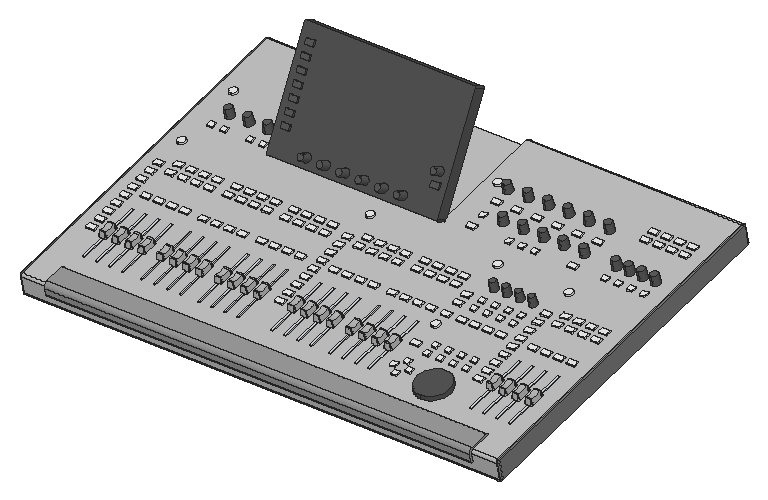
Revit family "Wing", category Communication Devices, Revit 2020 (continued)
Forms (mm)
  Extrusion 99, solid, material "LED, White, Off"
    sketch origin (394.189, 56.573, 146.054) x (0, -0.970299, -0.24191) y (1, 0, 0)
      loop
        line (135.461, -395.179) -> (127.386, -395.179)
        arc (127.386, -395.179) -> (126.82, -395.414) -> (126.586, -395.979) r 0.8
        line (126.586, -395.979) -> (126.586, -409.214)
        arc (126.586, -409.214) -> (126.82, -409.78) -> (127.386, -410.014) r 0.8
        line (127.386, -410.014) -> (135.461, -410.014)
        arc (135.461, -410.014) -> (136.027, -409.78) -> (136.261, -409.214) r 0.8
    from 0 to 2
  Extrusion 100, solid, material "LED, White, Off"
    sketch origin (417.708, 111.875, 159.842) x (0, -0.970299, -0.24191) y (1, 0, 0)
      loop
        line (136.261, -409.214) -> (136.261, -395.979)
        arc (136.261, -395.979) -> (136.027, -395.414) -> (135.461, -395.179) r 0.8
        line (135.461, -395.179) -> (127.386, -395.179)
        arc (127.386, -395.179) -> (126.82, -395.414) -> (126.586, -395.979) r 0.8
        line (126.586, -395.979) -> (126.586, -409.214)
        arc (126.586, -409.214) -> (126.82, -409.78) -> (127.386, -410.014) r 0.8
        line (127.386, -410.014) -> (135.461, -410.014)
        arc (135.461, -410.014) -> (136.027, -409.78) -> (136.261, -409.214) r 0.8
    from 0 to 2
  Extrusion 101, solid, material "LED, White, Off"
    sketch origin (417.708, 130.865, 164.576) x (0, -0.970299, -0.24191) y (1, 0, 0)
      loop
        line (136.261, -409.214) -> (136.261, -395.979)
        arc (136.261, -395.979) -> (136.027, -395.414) -> (135.461, -395.179) r 0.8
        line (135.461, -395.179) -> (127.386, -395.179)
        arc (127.386, -395.179) -> (126.82, -395.414) -> (126.586, -395.979) r 0.8
        line (126.586, -395.979) -> (126.586, -409.214)
        arc (126.586, -409.214) -> (126.82, -409.78) -> (127.386, -410.014) r 0.8
        line (127.386, -410.014) -> (135.461, -410.014)
        arc (135.461, -410.014) -> (136.027, -409.78) -> (136.261, -409.214) r 0.8
    from 0 to 2
  Extrusion 102, solid, material "LED, White, Off"
    sketch origin (417.708, 56.573, 146.054) x (0, -0.970299, -0.24191) y (1, 0, 0)
      loop
        line (136.261, -409.214) -> (136.261, -395.979)
        arc (136.261, -395.979) -> (136.027, -395.414) -> (135.461, -395.179) r 0.8
        line (135.461, -395.179) -> (127.386, -395.179)
        arc (127.386, -395.179) -> (126.82, -395.414) -> (126.586, -395.979) r 0.8
        line (126.586, -395.979) -> (126.586, -409.214)
        arc (126.586, -409.214) -> (126.82, -409.78) -> (127.386, -410.014) r 0.8
        line (127.386, -410.014) -> (135.461, -410.014)
        arc (135.461, -410.014) -> (136.027, -409.78) -> (136.261, -409.214) r 0.8
    from 0 to 2
  Extrusion 103, solid, material "LED, White, Off"
    sketch origin (441.227, 111.875, 159.842) x (0, -0.970299, -0.24191) y (1, 0, 0)
      loop
        line (136.261, -409.214) -> (136.261, -395.979)
        arc (136.261, -395.979) -> (136.027, -395.414) -> (135.461, -395.179) r 0.8
        line (135.461, -395.179) -> (127.386, -395.179)
        arc (127.386, -395.179) -> (126.82, -395.414) -> (126.586, -395.979) r 0.8
        line (126.586, -395.979) -> (126.586, -409.214)
        arc (126.586, -409.214) -> (126.82, -409.78) -> (127.386, -410.014) r 0.8
        line (127.386, -410.014) -> (135.461, -410.014)
        arc (135.461, -410.014) -> (136.027, -409.78) -> (136.261, -409.214) r 0.8
    from 0 to 2
  Extrusion 104, solid, material "LED, White, Off"
    sketch origin (441.227, 130.865, 164.576) x (0, -0.970299, -0.24191) y (1, 0, 0)
      loop
        line (136.261, -409.214) -> (136.261, -395.979)
        arc (136.261, -395.979) -> (136.027, -395.414) -> (135.461, -395.179) r 0.8
        line (135.461, -395.179) -> (127.386, -395.179)
        arc (127.386, -395.179) -> (126.82, -395.414) -> (126.586, -395.979) r 0.8
        line (126.586, -395.979) -> (126.586, -409.214)
        arc (126.586, -409.214) -> (126.82, -409.78) -> (127.386, -410.014) r 0.8
        line (127.386, -410.014) -> (135.461, -410.014)
        arc (135.461, -410.014) -> (136.027, -409.78) -> (136.261, -409.214) r 0.8
    from 0 to 2
  Extrusion 105, solid, material "LED, White, Off"
    sketch origin (441.227, 56.573, 146.054) x (0, -0.970299, -0.24191) y (1, 0, 0)
      loop
        line (136.261, -409.214) -> (136.261, -395.979)
        arc (136.261, -395.979) -> (136.027, -395.414) -> (135.461, -395.179) r 0.8
        line (135.461, -395.179) -> (127.386, -395.179)
        arc (127.386, -395.179) -> (126.82, -395.414) -> (126.586, -395.979) r 0.8
        line (126.586, -395.979) -> (126.586, -409.214)
        arc (126.586, -409.214) -> (126.82, -409.78) -> (127.386, -410.014) r 0.8
        line (127.386, -410.014) -> (135.461, -410.014)
        arc (135.461, -410.014) -> (136.027, -409.78) -> (136.261, -409.214) r 0.8
    from 0 to 2
  Extrusion 106, solid, material "LED, White, Off"
    sketch origin (475.749, 111.875, 159.842) x (0, -0.970299, -0.24191) y (1, 0, 0)
      loop
        line (136.261, -409.214) -> (136.261, -395.979)
        arc (136.261, -395.979) -> (136.027, -395.414) -> (135.461, -395.179) r 0.8
        line (135.461, -395.179) -> (127.386, -395.179)
        arc (127.386, -395.179) -> (126.82, -395.414) -> (126.586, -395.979) r 0.8
        line (126.586, -395.979) -> (126.586, -409.214)
        arc (126.586, -409.214) -> (126.82, -409.78) -> (127.386, -410.014) r 0.8
        line (127.386, -410.014) -> (135.461, -410.014)
        arc (135.461, -410.014) -> (136.027, -409.78) -> (136.261, -409.214) r 0.8
    from 0 to 2
  Extrusion 107, solid, material "LED, White, Off"
    sketch origin (475.749, 130.865, 164.576) x (0, -0.970299, -0.24191) y (1, 0, 0)
      loop
        line (136.261, -409.214) -> (136.261, -395.979)
        arc (136.261, -395.979) -> (136.027, -395.414) -> (135.461, -395.179) r 0.8
        line (135.461, -395.179) -> (127.386, -395.179)
        arc (127.386, -395.179) -> (126.82, -395.414) -> (126.586, -395.979) r 0.8
        line (126.586, -395.979) -> (126.586, -409.214)
        arc (126.586, -409.214) -> (126.82, -409.78) -> (127.386, -410.014) r 0.8
        line (127.386, -410.014) -> (135.461, -410.014)
        arc (135.461, -410.014) -> (136.027, -409.78) -> (136.261, -409.214) r 0.8
    from 0 to 2
  Extrusion 108, solid, material "LED, White, Off"
    sketch origin (475.749, 56.573, 146.054) x (0, -0.970299, -0.24191) y (1, 0, 0)
      loop
        line (136.261, -409.214) -> (136.261, -395.979)
        arc (136.261, -395.979) -> (136.027, -395.414) -> (135.461, -395.179) r 0.8
        line (135.461, -395.179) -> (127.386, -395.179)
        arc (127.386, -395.179) -> (126.82, -395.414) -> (126.586, -395.979) r 0.8
        line (126.586, -395.979) -> (126.586, -409.214)
        arc (126.586, -409.214) -> (126.82, -409.78) -> (127.386, -410.014) r 0.8
        line (127.386, -410.014) -> (135.461, -410.014)
        arc (135.461, -410.014) -> (136.027, -409.78) -> (136.261, -409.214) r 0.8
    from 0 to 2
  Extrusion 109, solid, material "LED, White, Off"
    sketch origin (499.267, 111.875, 159.842) x (0, -0.970299, -0.24191) y (1, 0, 0)
      loop
        line (136.261, -409.214) -> (136.261, -395.979)
        arc (136.261, -395.979) -> (136.027, -395.414) -> (135.461, -395.179) r 0.8
        line (135.461, -395.179) -> (127.386, -395.179)
        arc (127.386, -395.179) -> (126.82, -395.414) -> (126.586, -395.979) r 0.8
        line (126.586, -395.979) -> (126.586, -409.214)
        arc (126.586, -409.214) -> (126.82, -409.78) -> (127.386, -410.014) r 0.8
        line (127.386, -410.014) -> (135.461, -410.014)
        arc (135.461, -410.014) -> (136.027, -409.78) -> (136.261, -409.214) r 0.8
    from 0 to 2
  Extrusion 110, solid, material "LED, White, Off"
    sketch origin (499.267, 130.865, 164.576) x (0, -0.970299, -0.24191) y (1, 0, 0)
      loop
        line (136.261, -409.214) -> (136.261, -395.979)
        arc (136.261, -395.979) -> (136.027, -395.414) -> (135.461, -395.179) r 0.8
        line (135.461, -395.179) -> (127.386, -395.179)
        arc (127.386, -395.179) -> (126.82, -395.414) -> (126.586, -395.979) r 0.8
        line (126.586, -395.979) -> (126.586, -409.214)
        arc (126.586, -409.214) -> (126.82, -409.78) -> (127.386, -410.014) r 0.8
        line (127.386, -410.014) -> (135.461, -410.014)
        arc (135.461, -410.014) -> (136.027, -409.78) -> (136.261, -409.214) r 0.8
    from 0 to 2
  Extrusion 111, solid, material "LED, White, Off"
    sketch origin (499.267, 56.573, 146.054) x (0, -0.970299, -0.24191) y (1, 0, 0)
      loop
        line (136.261, -409.214) -> (136.261, -395.979)
        arc (136.261, -395.979) -> (136.027, -395.414) -> (135.461, -395.179) r 0.8
        line (135.461, -395.179) -> (127.386, -395.179)
        arc (127.386, -395.179) -> (126.82, -395.414) -> (126.586, -395.979) r 0.8
        line (126.586, -395.979) -> (126.586, -409.214)
        arc (126.586, -409.214) -> (126.82, -409.78) -> (127.386, -410.014) r 0.8
        line (127.386, -410.014) -> (135.461, -410.014)
        arc (135.461, -410.014) -> (136.027, -409.78) -> (136.261, -409.214) r 0.8
    from 0 to 2
  Extrusion 112, solid, material "LED, White, Off"
    sketch origin (522.786, 111.875, 159.842) x (0, -0.970299, -0.24191) y (1, 0, 0)
      loop
        line (136.261, -409.214) -> (136.261, -395.979)
        arc (136.261, -395.979) -> (136.027, -395.414) -> (135.461, -395.179) r 0.8
        line (135.461, -395.179) -> (127.386, -395.179)
        arc (127.386, -395.179) -> (126.82, -395.414) -> (126.586, -395.979) r 0.8
        line (126.586, -395.979) -> (126.586, -409.214)
        arc (126.586, -409.214) -> (126.82, -409.78) -> (127.386, -410.014) r 0.8
        line (127.386, -410.014) -> (135.461, -410.014)
        arc (135.461, -410.014) -> (136.027, -409.78) -> (136.261, -409.214) r 0.8
    from 0 to 2
  Extrusion 113, solid, material "LED, White, Off"
    sketch origin (522.786, 130.865, 164.576) x (0, -0.970299, -0.24191) y (1, 0, 0)
      loop
        line (136.261, -409.214) -> (136.261, -395.979)
        arc (136.261, -395.979) -> (136.027, -395.414) -> (135.461, -395.179) r 0.8
        line (135.461, -395.179) -> (127.386, -395.179)
        arc (127.386, -395.179) -> (126.82, -395.414) -> (126.586, -395.979) r 0.8
        line (126.586, -395.979) -> (126.586, -409.214)
        arc (126.586, -409.214) -> (126.82, -409.78) -> (127.386, -410.014) r 0.8
        line (127.386, -410.014) -> (135.461, -410.014)
        arc (135.461, -410.014) -> (136.027, -409.78) -> (136.261, -409.214) r 0.8
    from 0 to 2
  Extrusion 114, solid, material "LED, White, Off"
    sketch origin (522.786, 56.573, 146.054) x (0, -0.970299, -0.24191) y (1, 0, 0)
      loop
        line (136.261, -409.214) -> (136.261, -395.979)
        arc (136.261, -395.979) -> (136.027, -395.414) -> (135.461, -395.179) r 0.8
        line (135.461, -395.179) -> (127.386, -395.179)
        arc (127.386, -395.179) -> (126.82, -395.414) -> (126.586, -395.979) r 0.8
        line (126.586, -395.979) -> (126.586, -409.214)
        arc (126.586, -409.214) -> (126.82, -409.78) -> (127.386, -410.014) r 0.8
        line (127.386, -410.014) -> (135.461, -410.014)
        arc (135.461, -410.014) -> (136.027, -409.78) -> (136.261, -409.214) r 0.8
    from 0 to 2
  Extrusion 115, solid, material "LED, White, Off"
    sketch origin (546.305, 111.875, 159.842) x (0, -0.970299, -0.24191) y (1, 0, 0)
      loop
        line (136.261, -409.214) -> (136.261, -395.979)
        arc (136.261, -395.979) -> (136.027, -395.414) -> (135.461, -395.179) r 0.8
        line (135.461, -395.179) -> (127.386, -395.179)
        arc (127.386, -395.179) -> (126.82, -395.414) -> (126.586, -395.979) r 0.8
        line (126.586, -395.979) -> (126.586, -409.214)
        arc (126.586, -409.214) -> (126.82, -409.78) -> (127.386, -410.014) r 0.8
        line (127.386, -410.014) -> (135.461, -410.014)
        arc (135.461, -410.014) -> (136.027, -409.78) -> (136.261, -409.214) r 0.8
    from 0 to 2
  Extrusion 116, solid, material "LED, White, Off"
    sketch origin (546.305, 130.865, 164.576) x (0, -0.970299, -0.24191) y (1, 0, 0)
      loop
        line (136.261, -409.214) -> (136.261, -395.979)
        arc (136.261, -395.979) -> (136.027, -395.414) -> (135.461, -395.179) r 0.8
        line (135.461, -395.179) -> (127.386, -395.179)
        arc (127.386, -395.179) -> (126.82, -395.414) -> (126.586, -395.979) r 0.8
        line (126.586, -395.979) -> (126.586, -409.214)
        arc (126.586, -409.214) -> (126.82, -409.78) -> (127.386, -410.014) r 0.8
        line (127.386, -410.014) -> (135.461, -410.014)
        arc (135.461, -410.014) -> (136.027, -409.78) -> (136.261, -409.214) r 0.8
    from 0 to 2
  Extrusion 117, solid, material "LED, White, Off"
    sketch origin (546.305, 56.573, 146.054) x (0, -0.970299, -0.24191) y (1, 0, 0)
      loop
        line (136.261, -409.214) -> (136.261, -395.979)
        arc (136.261, -395.979) -> (136.027, -395.414) -> (135.461, -395.179) r 0.8
        line (135.461, -395.179) -> (127.386, -395.179)
        arc (127.386, -395.179) -> (126.82, -395.414) -> (126.586, -395.979) r 0.8
        line (126.586, -395.979) -> (126.586, -409.214)
        arc (126.586, -409.214) -> (126.82, -409.78) -> (127.386, -410.014) r 0.8
        line (127.386, -410.014) -> (135.461, -410.014)
        arc (135.461, -410.014) -> (136.027, -409.78) -> (136.261, -409.214) r 0.8
    from 0 to 2
  Extrusion 118, solid, material "LED, White, Off"
    sketch origin (731.631, 311.221, 209.542) x (0, -0.970299, -0.24191) y (1, 0, 0)
      loop
        line (136.261, -409.214) -> (136.261, -395.979)
        arc (136.261, -395.979) -> (136.027, -395.414) -> (135.461, -395.179) r 0.8
        line (135.461, -395.179) -> (127.386, -395.179)
        arc (127.386, -395.179) -> (126.82, -395.414) -> (126.586, -395.979) r 0.8
        line (126.586, -395.979) -> (126.586, -409.214)
        arc (126.586, -409.214) -> (126.82, -409.78) -> (127.386, -410.014) r 0.8
        line (127.386, -410.014) -> (135.461, -410.014)
        arc (135.461, -410.014) -> (136.027, -409.78) -> (136.261, -409.214) r 0.8
    from 0 to 2
  Extrusion 119, solid, material "LED, White, Off"
    sketch origin (731.631, 330.21, 214.276) x (0, -0.970299, -0.24191) y (1, 0, 0)
      loop
        line (136.261, -409.214) -> (136.261, -395.979)
        arc (136.261, -395.979) -> (136.027, -395.414) -> (135.461, -395.179) r 0.8
        line (135.461, -395.179) -> (127.386, -395.179)
        arc (127.386, -395.179) -> (126.82, -395.414) -> (126.586, -395.979) r 0.8
        line (126.586, -395.979) -> (126.586, -409.214)
        arc (126.586, -409.214) -> (126.82, -409.78) -> (127.386, -410.014) r 0.8
        line (127.386, -410.014) -> (135.461, -410.014)
        arc (135.461, -410.014) -> (136.027, -409.78) -> (136.261, -409.214) r 0.8
    from 0 to 2
  Extrusion 120, solid, material "LED, White, Off"
    sketch origin (731.631, 56.573, 146.054) x (0, -0.970299, -0.24191) y (1, 0, 0)
      loop
        line (136.261, -409.214) -> (136.261, -395.979)
        arc (136.261, -395.979) -> (136.027, -395.414) -> (135.461, -395.179) r 0.8
        line (135.461, -395.179) -> (127.386, -395.179)
        arc (127.386, -395.179) -> (126.82, -395.414) -> (126.586, -395.979) r 0.8
        line (126.586, -395.979) -> (126.586, -409.214)
        arc (126.586, -409.214) -> (126.82, -409.78) -> (127.386, -410.014) r 0.8
        line (127.386, -410.014) -> (135.461, -410.014)
        arc (135.461, -410.014) -> (136.027, -409.78) -> (136.261, -409.214) r 0.8
    from 0 to 2
  Extrusion 121, solid, material "LED, White, Off"
    sketch origin (755.149, 311.221, 209.542) x (0, -0.970299, -0.24191) y (1, 0, 0)
      loop
        line (136.261, -409.214) -> (136.261, -395.979)
        arc (136.261, -395.979) -> (136.027, -395.414) -> (135.461, -395.179) r 0.8
        line (135.461, -395.179) -> (127.386, -395.179)
        arc (127.386, -395.179) -> (126.82, -395.414) -> (126.586, -395.979) r 0.8
        line (126.586, -395.979) -> (126.586, -409.214)
        arc (126.586, -409.214) -> (126.82, -409.78) -> (127.386, -410.014) r 0.8
        line (127.386, -410.014) -> (135.461, -410.014)
        arc (135.461, -410.014) -> (136.027, -409.78) -> (136.261, -409.214) r 0.8
    from 0 to 2
  Extrusion 122, solid, material "LED, White, Off"
    sketch origin (755.149, 330.21, 214.276) x (0, -0.970299, -0.24191) y (1, 0, 0)
      loop
        line (136.261, -409.214) -> (136.261, -395.979)
        arc (136.261, -395.979) -> (136.027, -395.414) -> (135.461, -395.179) r 0.8
        line (135.461, -395.179) -> (127.386, -395.179)
        arc (127.386, -395.179) -> (126.82, -395.414) -> (126.586, -395.979) r 0.8
        line (126.586, -395.979) -> (126.586, -409.214)
        arc (126.586, -409.214) -> (126.82, -409.78) -> (127.386, -410.014) r 0.8
        line (127.386, -410.014) -> (135.461, -410.014)
        arc (135.461, -410.014) -> (136.027, -409.78) -> (136.261, -409.214) r 0.8
    from 0 to 2
  Extrusion 123, solid, material "LED, White, Off"
    sketch origin (755.149, 56.573, 146.054) x (0, -0.970299, -0.24191) y (1, 0, 0)
      loop
        line (136.261, -409.214) -> (136.261, -395.979)
        arc (136.261, -395.979) -> (136.027, -395.414) -> (135.461, -395.179) r 0.8
        line (135.461, -395.179) -> (127.386, -395.179)
        arc (127.386, -395.179) -> (126.82, -395.414) -> (126.586, -395.979) r 0.8
        line (126.586, -395.979) -> (126.586, -409.214)
        arc (126.586, -409.214) -> (126.82, -409.78) -> (127.386, -410.014) r 0.8
        line (127.386, -410.014) -> (135.461, -410.014)
        arc (135.461, -410.014) -> (136.027, -409.78) -> (136.261, -409.214) r 0.8
    from 0 to 2
  Extrusion 124, solid, material "LED, White, Off"
    sketch origin (778.668, 311.221, 209.542) x (0, -0.970299, -0.24191) y (1, 0, 0)
      loop
        line (136.261, -409.214) -> (136.261, -395.979)
        arc (136.261, -395.979) -> (136.027, -395.414) -> (135.461, -395.179) r 0.8
        line (135.461, -395.179) -> (127.386, -395.179)
        arc (127.386, -395.179) -> (126.82, -395.414) -> (126.586, -395.979) r 0.8
        line (126.586, -395.979) -> (126.586, -409.214)
        arc (126.586, -409.214) -> (126.82, -409.78) -> (127.386, -410.014) r 0.8
        line (127.386, -410.014) -> (135.461, -410.014)
        arc (135.461, -410.014) -> (136.027, -409.78) -> (136.261, -409.214) r 0.8
    from 0 to 2
  Extrusion 125, solid, material "LED, White, Off"
    sketch origin (778.668, 330.21, 214.276) x (0, -0.970299, -0.24191) y (1, 0, 0)
      loop
        line (136.261, -409.214) -> (136.261, -395.979)
        arc (136.261, -395.979) -> (136.027, -395.414) -> (135.461, -395.179) r 0.8
        line (135.461, -395.179) -> (127.386, -395.179)
        arc (127.386, -395.179) -> (126.82, -395.414) -> (126.586, -395.979) r 0.8
        line (126.586, -395.979) -> (126.586, -409.214)
        arc (126.586, -409.214) -> (126.82, -409.78) -> (127.386, -410.014) r 0.8
        line (127.386, -410.014) -> (135.461, -410.014)
        arc (135.461, -410.014) -> (136.027, -409.78) -> (136.261, -409.214) r 0.8
    from 0 to 2
  Extrusion 126, solid, material "LED, White, Off"
    sketch origin (778.668, 56.573, 146.054) x (0, -0.970299, -0.24191) y (1, 0, 0)
      loop
        line (136.261, -409.214) -> (136.261, -395.979)
        arc (136.261, -395.979) -> (136.027, -395.414) -> (135.461, -395.179) r 0.8
        line (135.461, -395.179) -> (127.386, -395.179)
        arc (127.386, -395.179) -> (126.82, -395.414) -> (126.586, -395.979) r 0.8
        line (126.586, -395.979) -> (126.586, -409.214)
        arc (126.586, -409.214) -> (126.82, -409.78) -> (127.386, -410.014) r 0.8
        line (127.386, -410.014) -> (135.461, -410.014)
        arc (135.461, -410.014) -> (136.027, -409.78) -> (136.261, -409.214) r 0.8
    from 0 to 2
  Extrusion 127, solid, material "LED, White, Off"
    sketch origin (802.187, 311.221, 209.542) x (0, -0.970299, -0.24191) y (1, 0, 0)
      loop
        line (136.261, -409.214) -> (136.261, -395.979)
        arc (136.261, -395.979) -> (136.027, -395.414) -> (135.461, -395.179) r 0.8
        line (135.461, -395.179) -> (127.386, -395.179)
        arc (127.386, -395.179) -> (126.82, -395.414) -> (126.586, -395.979) r 0.8
        line (126.586, -395.979) -> (126.586, -409.214)
        arc (126.586, -409.214) -> (126.82, -409.78) -> (127.386, -410.014) r 0.8
        line (127.386, -410.014) -> (135.461, -410.014)
        arc (135.461, -410.014) -> (136.027, -409.78) -> (136.261, -409.214) r 0.8
    from 0 to 2
  Extrusion 128, solid, material "LED, White, Off"
    sketch origin (802.187, 330.21, 214.276) x (0, -0.970299, -0.24191) y (1, 0, 0)
      loop
        line (136.261, -409.214) -> (136.261, -395.979)
        arc (136.261, -395.979) -> (136.027, -395.414) -> (135.461, -395.179) r 0.8
        line (135.461, -395.179) -> (127.386, -395.179)
        arc (127.386, -395.179) -> (126.82, -395.414) -> (126.586, -395.979) r 0.8
        line (126.586, -395.979) -> (126.586, -409.214)
        arc (126.586, -409.214) -> (126.82, -409.78) -> (127.386, -410.014) r 0.8
        line (127.386, -410.014) -> (135.461, -410.014)
        arc (135.461, -410.014) -> (136.027, -409.78) -> (136.261, -409.214) r 0.8
    from 0 to 2
  Extrusion 129, solid, material "LED, White, Off"
    sketch origin (802.187, 56.573, 146.054) x (0, -0.970299, -0.24191) y (1, 0, 0)
      loop
        line (136.261, -409.214) -> (136.261, -395.979)
        arc (136.261, -395.979) -> (136.027, -395.414) -> (135.461, -395.179) r 0.8
        line (135.461, -395.179) -> (127.386, -395.179)
        arc (127.386, -395.179) -> (126.82, -395.414) -> (126.586, -395.979) r 0.8
        line (126.586, -395.979) -> (126.586, -409.214)
        arc (126.586, -409.214) -> (126.82, -409.78) -> (127.386, -410.014) r 0.8
        line (127.386, -410.014) -> (135.461, -410.014)
        arc (135.461, -410.014) -> (136.027, -409.78) -> (136.261, -409.214) r 0.8
    from 0 to 2
  Extrusion 130, solid, material "LED, White, Off"
    sketch origin (574.201, 82.965, 152.634) x (0, -0.970299, -0.24191) y (1, 0, 0)
      loop
        line (136.261, -409.214) -> (136.261, -395.979)
        arc (136.261, -395.979) -> (136.027, -395.414) -> (135.461, -395.179) r 0.8
        line (135.461, -395.179) -> (127.386, -395.179)
        arc (127.386, -395.179) -> (126.82, -395.414) -> (126.586, -395.979) r 0.8
        line (126.586, -395.979) -> (126.586, -409.214)
        arc (126.586, -409.214) -> (126.82, -409.78) -> (127.386, -410.014) r 0.8
        line (127.386, -410.014) -> (135.461, -410.014)
        arc (135.461, -410.014) -> (136.027, -409.78) -> (136.261, -409.214) r 0.8
    from 0 to 2
  Extrusion 131, solid, material "LED, White, Off"
    sketch origin (574.201, 101.955, 157.369) x (0, -0.970299, -0.24191) y (1, 0, 0)
      loop
        line (136.261, -409.214) -> (136.261, -395.979)
        arc (136.261, -395.979) -> (136.027, -395.414) -> (135.461, -395.179) r 0.8
        line (135.461, -395.179) -> (127.386, -395.179)
        arc (127.386, -395.179) -> (126.82, -395.414) -> (126.586, -395.979) r 0.8
        line (126.586, -395.979) -> (126.586, -409.214)
        arc (126.586, -409.214) -> (126.82, -409.78) -> (127.386, -410.014) r 0.8
        line (127.386, -410.014) -> (135.461, -410.014)
        arc (135.461, -410.014) -> (136.027, -409.78) -> (136.261, -409.214) r 0.8
    from 0 to 2
  Extrusion 132, solid, material "LED, White, Off"
    sketch origin (602.516, 56.573, 146.054) x (0, -0.970299, -0.24191) y (1, 0, 0)
      loop
        line (136.261, -409.214) -> (136.261, -395.979)
        arc (136.261, -395.979) -> (136.027, -395.414) -> (135.461, -395.179) r 0.8
        line (135.461, -395.179) -> (127.386, -395.179)
        arc (127.386, -395.179) -> (126.82, -395.414) -> (126.586, -395.979) r 0.8
        line (126.586, -395.979) -> (126.586, -409.214)
        arc (126.586, -409.214) -> (126.82, -409.78) -> (127.386, -410.014) r 0.8
        line (127.386, -410.014) -> (135.461, -410.014)
        arc (135.461, -410.014) -> (136.027, -409.78) -> (136.261, -409.214) r 0.8
    from 0 to 2
  Extrusion 133, solid, material "LED, White, Off"
    sketch origin (626.035, 56.573, 146.054) x (0, -0.970299, -0.24191) y (1, 0, 0)
      loop
        line (136.261, -409.214) -> (136.261, -395.979)
        arc (136.261, -395.979) -> (136.027, -395.414) -> (135.461, -395.179) r 0.8
        line (135.461, -395.179) -> (127.386, -395.179)
        arc (127.386, -395.179) -> (126.82, -395.414) -> (126.586, -395.979) r 0.8
        line (126.586, -395.979) -> (126.586, -409.214)
        arc (126.586, -409.214) -> (126.82, -409.78) -> (127.386, -410.014) r 0.8
        line (127.386, -410.014) -> (135.461, -410.014)
        arc (135.461, -410.014) -> (136.027, -409.78) -> (136.261, -409.214) r 0.8
    from 0 to 2
  Extrusion 134, solid, material "LED, White, Off"
    sketch origin (649.553, 56.573, 146.054) x (0, -0.970299, -0.24191) y (1, 0, 0)
      loop
        line (136.261, -409.214) -> (136.261, -395.979)
        arc (136.261, -395.979) -> (136.027, -395.414) -> (135.461, -395.179) r 0.8
        line (135.461, -395.179) -> (127.386, -395.179)
        arc (127.386, -395.179) -> (126.82, -395.414) -> (126.586, -395.979) r 0.8
        line (126.586, -395.979) -> (126.586, -409.214)
        arc (126.586, -409.214) -> (126.82, -409.78) -> (127.386, -410.014) r 0.8
        line (127.386, -410.014) -> (135.461, -410.014)
        arc (135.461, -410.014) -> (136.027, -409.78) -> (136.261, -409.214) r 0.8
    from 0 to 2
  Extrusion 135, solid, material "LED, White, Off"
    sketch origin (673.072, 56.573, 146.054) x (0, -0.970299, -0.24191) y (1, 0, 0)
      loop
        line (136.261, -409.214) -> (136.261, -395.979)
        arc (136.261, -395.979) -> (136.027, -395.414) -> (135.461, -395.179) r 0.8
        line (135.461, -395.179) -> (127.386, -395.179)
        arc (127.386, -395.179) -> (126.82, -395.414) -> (126.586, -395.979) r 0.8
        line (126.586, -395.979) -> (126.586, -409.214)
        arc (126.586, -409.214) -> (126.82, -409.78) -> (127.386, -410.014) r 0.8
        line (127.386, -410.014) -> (135.461, -410.014)
        arc (135.461, -410.014) -> (136.027, -409.78) -> (136.261, -409.214) r 0.8
    from 0 to 2
  Extrusion 136, solid, material "LED, White, Off"
    sketch origin (574.124, 56.573, 146.054) x (0, -0.970299, -0.24191) y (1, 0, 0)
      loop
        line (136.261, -409.214) -> (136.261, -395.979)
        arc (136.261, -395.979) -> (136.027, -395.414) -> (135.461, -395.179) r 0.8
        line (135.461, -395.179) -> (127.386, -395.179)
        arc (127.386, -395.179) -> (126.82, -395.414) -> (126.586, -395.979) r 0.8
        line (126.586, -395.979) -> (126.586, -409.214)
        arc (126.586, -409.214) -> (126.82, -409.78) -> (127.386, -410.014) r 0.8
        line (127.386, -410.014) -> (135.461, -410.014)
        arc (135.461, -410.014) -> (136.027, -409.78) -> (136.261, -409.214) r 0.8
    from 0 to 2
  Extrusion 137, solid, material "LED, White, Off"
    sketch origin (574.124, -12.966, 128.717) x (0, -0.970299, -0.24191) y (1, 0, 0)
      loop
        line (136.261, -409.214) -> (136.261, -395.979)
        arc (136.261, -395.979) -> (136.027, -395.414) -> (135.461, -395.179) r 0.8
        line (135.461, -395.179) -> (127.386, -395.179)
        arc (127.386, -395.179) -> (126.82, -395.414) -> (126.586, -395.979) r 0.8
        line (126.586, -395.979) -> (126.586, -409.214)
        arc (126.586, -409.214) -> (126.82, -409.78) -> (127.386, -410.014) r 0.8
        line (127.386, -410.014) -> (135.461, -410.014)
        arc (135.461, -410.014) -> (136.027, -409.78) -> (136.261, -409.214) r 0.8
    from 0 to 2
  Extrusion 138, solid, material "LED, White, Off"
    sketch origin (488.684, 219.739, 186.734) x (0, -0.970299, -0.24191) y (1, 0, 0)
      loop
        line (136.261, -409.214) -> (136.261, -395.979)
        arc (136.261, -395.979) -> (136.027, -395.414) -> (135.461, -395.179) r 0.8
        line (135.461, -395.179) -> (127.386, -395.179)
        arc (127.386, -395.179) -> (126.82, -395.414) -> (126.586, -395.979) r 0.8
        line (126.586, -395.979) -> (126.586, -409.214)
        arc (126.586, -409.214) -> (126.82, -409.78) -> (127.386, -410.014) r 0.8
        line (127.386, -410.014) -> (135.461, -410.014)
        arc (135.461, -410.014) -> (136.027, -409.78) -> (136.261, -409.214) r 0.8
    from 0 to 2
  Extrusion 139, solid, material "LED, White, Off"
    sketch origin (488.684, 276.99, 201.008) x (0, -0.970299, -0.24191) y (1, 0, 0)
      loop
        line (136.261, -409.214) -> (136.261, -395.979)
        arc (136.261, -395.979) -> (136.027, -395.414) -> (135.461, -395.179) r 0.8
        line (135.461, -395.179) -> (127.386, -395.179)
        arc (127.386, -395.179) -> (126.82, -395.414) -> (126.586, -395.979) r 0.8
        line (126.586, -395.979) -> (126.586, -409.214)
        arc (126.586, -409.214) -> (126.82, -409.78) -> (127.386, -410.014) r 0.8
        line (127.386, -410.014) -> (135.461, -410.014)
        arc (135.461, -410.014) -> (136.027, -409.78) -> (136.261, -409.214) r 0.8
    from 0 to 2
  Extrusion 140, solid, material "LED, White, Off"
    sketch origin (672.883, 219.739, 186.734) x (0, -0.970299, -0.24191) y (1, 0, 0)
      loop
        line (136.261, -409.214) -> (136.261, -395.979)
        arc (136.261, -395.979) -> (136.027, -395.414) -> (135.461, -395.179) r 0.8
        line (135.461, -395.179) -> (127.386, -395.179)
        arc (127.386, -395.179) -> (126.82, -395.414) -> (126.586, -395.979) r 0.8
        line (126.586, -395.979) -> (126.586, -409.214)
        arc (126.586, -409.214) -> (126.82, -409.78) -> (127.386, -410.014) r 0.8
        line (127.386, -410.014) -> (135.461, -410.014)
        arc (135.461, -410.014) -> (136.027, -409.78) -> (136.261, -409.214) r 0.8
    from 0 to 2
  Extrusion 141, solid, material "LED, White, Off"
    sketch origin (672.883, 276.99, 201.008) x (0, -0.970299, -0.24191) y (1, 0, 0)
      loop
        line (136.261, -409.214) -> (136.261, -395.979)
        arc (136.261, -395.979) -> (136.027, -395.414) -> (135.461, -395.179) r 0.8
        line (135.461, -395.179) -> (127.386, -395.179)
        arc (127.386, -395.179) -> (126.82, -395.414) -> (126.586, -395.979) r 0.8
        line (126.586, -395.979) -> (126.586, -409.214)
        arc (126.586, -409.214) -> (126.82, -409.78) -> (127.386, -410.014) r 0.8
        line (127.386, -410.014) -> (135.461, -410.014)
        arc (135.461, -410.014) -> (136.027, -409.78) -> (136.261, -409.214) r 0.8
    from 0 to 2
  Extrusion 142, solid, material "LED, White, Off"
    sketch origin (525.523, 276.99, 201.008) x (0, -0.970299, -0.24191) y (1, 0, 0)
      loop
        line (136.261, -409.214) -> (136.261, -395.979)
        arc (136.261, -395.979) -> (136.027, -395.414) -> (135.461, -395.179) r 0.8
        line (135.461, -395.179) -> (127.386, -395.179)
        arc (127.386, -395.179) -> (126.82, -395.414) -> (126.586, -395.979) r 0.8
        line (126.586, -395.979) -> (126.586, -409.214)
        arc (126.586, -409.214) -> (126.82, -409.78) -> (127.386, -410.014) r 0.8
        line (127.386, -410.014) -> (135.461, -410.014)
        arc (135.461, -410.014) -> (136.027, -409.78) -> (136.261, -409.214) r 0.8
    from 0 to 2
  Extrusion 143, solid, material "LED, White, Off"
    sketch origin (562.363, 276.99, 201.008) x (0, -0.970299, -0.24191) y (1, 0, 0)
      loop
        line (136.261, -409.214) -> (136.261, -395.979)
        arc (136.261, -395.979) -> (136.027, -395.414) -> (135.461, -395.179) r 0.8
        line (135.461, -395.179) -> (127.386, -395.179)
        arc (127.386, -395.179) -> (126.82, -395.414) -> (126.586, -395.979) r 0.8
        line (126.586, -395.979) -> (126.586, -409.214)
        arc (126.586, -409.214) -> (126.82, -409.78) -> (127.386, -410.014) r 0.8
        line (127.386, -410.014) -> (135.461, -410.014)
        arc (135.461, -410.014) -> (136.027, -409.78) -> (136.261, -409.214) r 0.8
    from 0 to 2
  Extrusion 144, solid, material "LED, White, Off"
    sketch origin (599.203, 219.739, 186.734) x (0, -0.970299, -0.24191) y (1, 0, 0)
      loop
        line (136.261, -401.269) -> (136.261, -393.482)
        arc (136.261, -393.482) -> (136.027, -392.916) -> (135.461, -392.682) r 0.8
        line (135.461, -392.682) -> (127.386, -392.682)
        arc (127.386, -392.682) -> (126.82, -392.916) -> (126.586, -393.482) r 0.8
        line (126.586, -393.482) -> (126.586, -401.269)
        arc (126.586, -401.269) -> (126.82, -401.835) -> (127.386, -402.069) r 0.8
        line (127.386, -402.069) -> (135.461, -402.069)
        arc (135.461, -402.069) -> (136.027, -401.835) -> (136.261, -401.269) r 0.8
    from 0 to 2
  Extrusion 145, solid, material "LED, White, Off"
    sketch origin (599.203, 276.99, 201.008) x (0, -0.970299, -0.24191) y (1, 0, 0)
      loop
        line (136.261, -409.214) -> (136.261, -395.979)
        arc (136.261, -395.979) -> (136.027, -395.414) -> (135.461, -395.179) r 0.8
        line (135.461, -395.179) -> (127.386, -395.179)
        arc (127.386, -395.179) -> (126.82, -395.414) -> (126.586, -395.979) r 0.8
        line (126.586, -395.979) -> (126.586, -409.214)
        arc (126.586, -409.214) -> (126.82, -409.78) -> (127.386, -410.014) r 0.8
        line (127.386, -410.014) -> (135.461, -410.014)
        arc (135.461, -410.014) -> (136.027, -409.78) -> (136.261, -409.214) r 0.8
    from 0 to 2
  Extrusion 146, solid, material "LED, White, Off"
    sketch origin (636.043, 276.99, 201.008) x (0, -0.970299, -0.24191) y (1, 0, 0)
      loop
        line (136.261, -409.214) -> (136.261, -395.979)
        arc (136.261, -395.979) -> (136.027, -395.414) -> (135.461, -395.179) r 0.8
        line (135.461, -395.179) -> (127.386, -395.179)
        arc (127.386, -395.179) -> (126.82, -395.414) -> (126.586, -395.979) r 0.8
        line (126.586, -395.979) -> (126.586, -409.214)
        arc (126.586, -409.214) -> (126.82, -409.78) -> (127.386, -410.014) r 0.8
        line (127.386, -410.014) -> (135.461, -410.014)
        arc (135.461, -410.014) -> (136.027, -409.78) -> (136.261, -409.214) r 0.8
    from 0 to 2
  Extrusion 147, solid, material "LED, White, Off"
    sketch origin (575.55, 219.739, 186.734) x (0, -0.970299, -0.24191) y (1, 0, 0)
      loop
        line (136.261, -401.269) -> (136.261, -393.482)
        arc (136.261, -393.482) -> (136.027, -392.916) -> (135.461, -392.682) r 0.8
        line (135.461, -392.682) -> (127.386, -392.682)
        arc (127.386, -392.682) -> (126.82, -392.916) -> (126.586, -393.482) r 0.8
        line (126.586, -393.482) -> (126.586, -401.269)
        arc (126.586, -401.269) -> (126.82, -401.835) -> (127.386, -402.069) r 0.8
        line (127.386, -402.069) -> (135.461, -402.069)
        arc (135.461, -402.069) -> (136.027, -401.835) -> (136.261, -401.269) r 0.8
    from 0 to 2
  Extrusion 148, solid, material "LED, White, Off"
    sketch origin (552.304, 219.739, 186.734) x (0, -0.970299, -0.24191) y (1, 0, 0)
      loop
        line (136.261, -401.269) -> (136.261, -393.482)
        arc (136.261, -393.482) -> (136.027, -392.916) -> (135.461, -392.682) r 0.8
        line (135.461, -392.682) -> (127.386, -392.682)
        arc (127.386, -392.682) -> (126.82, -392.916) -> (126.586, -393.482) r 0.8
        line (126.586, -393.482) -> (126.586, -401.269)
        arc (126.586, -401.269) -> (126.82, -401.835) -> (127.386, -402.069) r 0.8
        line (127.386, -402.069) -> (135.461, -402.069)
        arc (135.461, -402.069) -> (136.027, -401.835) -> (136.261, -401.269) r 0.8
    from 0 to 2
  Extrusion 149, solid, material "LED, White, Off"
    sketch origin (483.445, 246.33, 193.363) x (0, -0.970299, -0.24191) y (1, 0, 0)
      loop
        line (136.261, -401.269) -> (136.261, -393.482)
        arc (136.261, -393.482) -> (136.027, -392.916) -> (135.461, -392.682) r 0.8
        line (135.461, -392.682) -> (127.386, -392.682)
        arc (127.386, -392.682) -> (126.82, -392.916) -> (126.586, -393.482) r 0.8
        line (126.586, -393.482) -> (126.586, -401.269)
        arc (126.586, -401.269) -> (126.82, -401.835) -> (127.386, -402.069) r 0.8
        line (127.386, -402.069) -> (135.461, -402.069)
        arc (135.461, -402.069) -> (136.027, -401.835) -> (136.261, -401.269) r 0.8
    from 0 to 2
  Extrusion 150, solid, material "LED, White, Off"
    sketch origin (726.345, 219.824, 186.755) x (0, -0.970299, -0.24191) y (1, 0, 0)
      loop
        line (136.261, -401.269) -> (136.261, -393.482)
        arc (136.261, -393.482) -> (136.027, -392.916) -> (135.461, -392.682) r 0.8
        line (135.461, -392.682) -> (127.386, -392.682)
        arc (127.386, -392.682) -> (126.82, -392.916) -> (126.586, -393.482) r 0.8
        line (126.586, -393.482) -> (126.586, -401.269)
        arc (126.586, -401.269) -> (126.82, -401.835) -> (127.386, -402.069) r 0.8
        line (127.386, -402.069) -> (135.461, -402.069)
        arc (135.461, -402.069) -> (136.027, -401.835) -> (136.261, -401.269) r 0.8
    from 0 to 2
  Extrusion 151, solid, material "LED, White, Off"
    sketch origin (749.863, 219.824, 186.755) x (0, -0.970299, -0.24191) y (1, 0, 0)
      loop
        line (136.261, -401.269) -> (136.261, -393.482)
        arc (136.261, -393.482) -> (136.027, -392.916) -> (135.461, -392.682) r 0.8
        line (135.461, -392.682) -> (127.386, -392.682)
        arc (127.386, -392.682) -> (126.82, -392.916) -> (126.586, -393.482) r 0.8
        line (126.586, -393.482) -> (126.586, -401.269)
        arc (126.586, -401.269) -> (126.82, -401.835) -> (127.386, -402.069) r 0.8
        line (127.386, -402.069) -> (135.461, -402.069)
        arc (135.461, -402.069) -> (136.027, -401.835) -> (136.261, -401.269) r 0.8
    from 0 to 2
  Extrusion 152, solid, material "LED, White, Off"
    sketch origin (773.382, 219.824, 186.755) x (0, -0.970299, -0.24191) y (1, 0, 0)
      loop
        line (136.261, -401.269) -> (136.261, -393.482)
        arc (136.261, -393.482) -> (136.027, -392.916) -> (135.461, -392.682) r 0.8
        line (135.461, -392.682) -> (127.386, -392.682)
        arc (127.386, -392.682) -> (126.82, -392.916) -> (126.586, -393.482) r 0.8
        line (126.586, -393.482) -> (126.586, -401.269)
        arc (126.586, -401.269) -> (126.82, -401.835) -> (127.386, -402.069) r 0.8
        line (127.386, -402.069) -> (135.461, -402.069)
        arc (135.461, -402.069) -> (136.027, -401.835) -> (136.261, -401.269) r 0.8
    from 0 to 2
  Extrusion 153, solid, material "LED, White, Off"
    sketch origin (796.901, 219.824, 186.755) x (0, -0.970299, -0.24191) y (1, 0, 0)
      loop
        line (136.261, -401.269) -> (136.261, -393.482)
        arc (136.261, -393.482) -> (136.027, -392.916) -> (135.461, -392.682) r 0.8
        line (135.461, -392.682) -> (127.386, -392.682)
        arc (127.386, -392.682) -> (126.82, -392.916) -> (126.586, -393.482) r 0.8
        line (126.586, -393.482) -> (126.586, -401.269)
        arc (126.586, -401.269) -> (126.82, -401.835) -> (127.386, -402.069) r 0.8
        line (127.386, -402.069) -> (135.461, -402.069)
        arc (135.461, -402.069) -> (136.027, -401.835) -> (136.261, -401.269) r 0.8
    from 0 to 2
  Extrusion 154, solid, material "LED, White, Off"
    sketch origin (597.349, 102.286, 157.451) x (0, -0.970299, -0.24191) y (1, 0, 0)
      loop
        line (136.261, -401.269) -> (136.261, -393.482)
        arc (136.261, -393.482) -> (136.027, -392.916) -> (135.461, -392.682) r 0.8
        line (135.461, -392.682) -> (127.386, -392.682)
        arc (127.386, -392.682) -> (126.82, -392.916) -> (126.586, -393.482) r 0.8
        line (126.586, -393.482) -> (126.586, -401.269)
        arc (126.586, -401.269) -> (126.82, -401.835) -> (127.386, -402.069) r 0.8
        line (127.386, -402.069) -> (135.461, -402.069)
        arc (135.461, -402.069) -> (136.027, -401.835) -> (136.261, -401.269) r 0.8
    from 0 to 2
  Extrusion 155, solid, material "LED, White, Off"
    sketch origin (620.868, 102.286, 157.451) x (0, -0.970299, -0.24191) y (1, 0, 0)
      loop
        line (136.261, -401.269) -> (136.261, -393.482)
        arc (136.261, -393.482) -> (136.027, -392.916) -> (135.461, -392.682) r 0.8
        line (135.461, -392.682) -> (127.386, -392.682)
        arc (127.386, -392.682) -> (126.82, -392.916) -> (126.586, -393.482) r 0.8
        line (126.586, -393.482) -> (126.586, -401.269)
        arc (126.586, -401.269) -> (126.82, -401.835) -> (127.386, -402.069) r 0.8
        line (127.386, -402.069) -> (135.461, -402.069)
        arc (135.461, -402.069) -> (136.027, -401.835) -> (136.261, -401.269) r 0.8
    from 0 to 2
  Extrusion 156, solid, material "LED, White, Off"
    sketch origin (644.386, 102.286, 157.451) x (0, -0.970299, -0.24191) y (1, 0, 0)
      loop
        line (136.261, -401.269) -> (136.261, -393.482)
        arc (136.261, -393.482) -> (136.027, -392.916) -> (135.461, -392.682) r 0.8
        line (135.461, -392.682) -> (127.386, -392.682)
        arc (127.386, -392.682) -> (126.82, -392.916) -> (126.586, -393.482) r 0.8
        line (126.586, -393.482) -> (126.586, -401.269)
        arc (126.586, -401.269) -> (126.82, -401.835) -> (127.386, -402.069) r 0.8
        line (127.386, -402.069) -> (135.461, -402.069)
        arc (135.461, -402.069) -> (136.027, -401.835) -> (136.261, -401.269) r 0.8
    from 0 to 2
  Extrusion 157, solid, material "LED, White, Off"
    sketch origin (667.905, 102.286, 157.451) x (0, -0.970299, -0.24191) y (1, 0, 0)
      loop
        line (136.261, -401.269) -> (136.261, -393.482)
        arc (136.261, -393.482) -> (136.027, -392.916) -> (135.461, -392.682) r 0.8
        line (135.461, -392.682) -> (127.386, -392.682)
        arc (127.386, -392.682) -> (126.82, -392.916) -> (126.586, -393.482) r 0.8
        line (126.586, -393.482) -> (126.586, -401.269)
        arc (126.586, -401.269) -> (126.82, -401.835) -> (127.386, -402.069) r 0.8
        line (127.386, -402.069) -> (135.461, -402.069)
        arc (135.461, -402.069) -> (136.027, -401.835) -> (136.261, -401.269) r 0.8
    from 0 to 2
  Extrusion 158, solid, material "LED, White, Off"
    sketch origin (597.349, 83.296, 152.717) x (0, -0.970299, -0.24191) y (1, 0, 0)
      loop
        line (136.261, -401.269) -> (136.261, -393.482)
        arc (136.261, -393.482) -> (136.027, -392.916) -> (135.461, -392.682) r 0.8
        line (135.461, -392.682) -> (127.386, -392.682)
        arc (127.386, -392.682) -> (126.82, -392.916) -> (126.586, -393.482) r 0.8
        line (126.586, -393.482) -> (126.586, -401.269)
        arc (126.586, -401.269) -> (126.82, -401.835) -> (127.386, -402.069) r 0.8
        line (127.386, -402.069) -> (135.461, -402.069)
        arc (135.461, -402.069) -> (136.027, -401.835) -> (136.261, -401.269) r 0.8
    from 0 to 2
  Extrusion 159, solid, material "LED, White, Off"
    sketch origin (620.868, 83.296, 152.717) x (0, -0.970299, -0.24191) y (1, 0, 0)
      loop
        line (136.261, -401.269) -> (136.261, -393.482)
        arc (136.261, -393.482) -> (136.027, -392.916) -> (135.461, -392.682) r 0.8
        line (135.461, -392.682) -> (127.386, -392.682)
        arc (127.386, -392.682) -> (126.82, -392.916) -> (126.586, -393.482) r 0.8
        line (126.586, -393.482) -> (126.586, -401.269)
        arc (126.586, -401.269) -> (126.82, -401.835) -> (127.386, -402.069) r 0.8
        line (127.386, -402.069) -> (135.461, -402.069)
        arc (135.461, -402.069) -> (136.027, -401.835) -> (136.261, -401.269) r 0.8
    from 0 to 2
  Extrusion 160, solid, material "LED, White, Off"
    sketch origin (644.386, 83.296, 152.717) x (0, -0.970299, -0.24191) y (1, 0, 0)
      loop
        line (136.261, -401.269) -> (136.261, -393.482)
        arc (136.261, -393.482) -> (136.027, -392.916) -> (135.461, -392.682) r 0.8
        line (135.461, -392.682) -> (127.386, -392.682)
        arc (127.386, -392.682) -> (126.82, -392.916) -> (126.586, -393.482) r 0.8
        line (126.586, -393.482) -> (126.586, -401.269)
        arc (126.586, -401.269) -> (126.82, -401.835) -> (127.386, -402.069) r 0.8
        line (127.386, -402.069) -> (135.461, -402.069)
        arc (135.461, -402.069) -> (136.027, -401.835) -> (136.261, -401.269) r 0.8
    from 0 to 2
  Extrusion 161, solid, material "LED, White, Off"
    sketch origin (667.905, 83.296, 152.717) x (0, -0.970299, -0.24191) y (1, 0, 0)
      loop
        line (136.261, -401.269) -> (136.261, -393.482)
        arc (136.261, -393.482) -> (136.027, -392.916) -> (135.461, -392.682) r 0.8
        line (135.461, -392.682) -> (127.386, -392.682)
        arc (127.386, -392.682) -> (126.82, -392.916) -> (126.586, -393.482) r 0.8
        line (126.586, -393.482) -> (126.586, -401.269)
        arc (126.586, -401.269) -> (126.82, -401.835) -> (127.386, -402.069) r 0.8
        line (127.386, -402.069) -> (135.461, -402.069)
        arc (135.461, -402.069) -> (136.027, -401.835) -> (136.261, -401.269) r 0.8
    from 0 to 2
  Extrusion 162, solid, material "LED, White, Off"
    sketch origin (597.349, -3.424, 131.096) x (0, -0.970299, -0.24191) y (1, 0, 0)
      loop
        line (136.261, -401.269) -> (136.261, -393.482)
        arc (136.261, -393.482) -> (136.027, -392.916) -> (135.461, -392.682) r 0.8
        line (135.461, -392.682) -> (127.386, -392.682)
        arc (127.386, -392.682) -> (126.82, -392.916) -> (126.586, -393.482) r 0.8
        line (126.586, -393.482) -> (126.586, -401.269)
        arc (126.586, -401.269) -> (126.82, -401.835) -> (127.386, -402.069) r 0.8
        line (127.386, -402.069) -> (135.461, -402.069)
        arc (135.461, -402.069) -> (136.027, -401.835) -> (136.261, -401.269) r 0.8
    from 0 to 2
  Extrusion 163, solid, material "LED, White, Off"
    sketch origin (620.868, -3.424, 131.096) x (0, -0.970299, -0.24191) y (1, 0, 0)
      loop
        line (136.261, -401.269) -> (136.261, -393.482)
        arc (136.261, -393.482) -> (136.027, -392.916) -> (135.461, -392.682) r 0.8
        line (135.461, -392.682) -> (127.386, -392.682)
        arc (127.386, -392.682) -> (126.82, -392.916) -> (126.586, -393.482) r 0.8
        line (126.586, -393.482) -> (126.586, -401.269)
        arc (126.586, -401.269) -> (126.82, -401.835) -> (127.386, -402.069) r 0.8
        line (127.386, -402.069) -> (135.461, -402.069)
        arc (135.461, -402.069) -> (136.027, -401.835) -> (136.261, -401.269) r 0.8
    from 0 to 2
  Extrusion 164, solid, material "LED, White, Off"
    sketch origin (644.386, -3.424, 131.096) x (0, -0.970299, -0.24191) y (1, 0, 0)
      loop
        line (136.261, -401.269) -> (136.261, -393.482)
        arc (136.261, -393.482) -> (136.027, -392.916) -> (135.461, -392.682) r 0.8
        line (135.461, -392.682) -> (127.386, -392.682)
        arc (127.386, -392.682) -> (126.82, -392.916) -> (126.586, -393.482) r 0.8
        line (126.586, -393.482) -> (126.586, -401.269)
        arc (126.586, -401.269) -> (126.82, -401.835) -> (127.386, -402.069) r 0.8
        line (127.386, -402.069) -> (135.461, -402.069)
        arc (135.461, -402.069) -> (136.027, -401.835) -> (136.261, -401.269) r 0.8
    from 0 to 2
  Extrusion 165, solid, material "LED, White, Off"
    sketch origin (667.905, -3.424, 131.096) x (0, -0.970299, -0.24191) y (1, 0, 0)
      loop
        line (136.261, -401.269) -> (136.261, -393.482)
        arc (136.261, -393.482) -> (136.027, -392.916) -> (135.461, -392.682) r 0.8
        line (135.461, -392.682) -> (127.386, -392.682)
        arc (127.386, -392.682) -> (126.82, -392.916) -> (126.586, -393.482) r 0.8
        line (126.586, -393.482) -> (126.586, -401.269)
        arc (126.586, -401.269) -> (126.82, -401.835) -> (127.386, -402.069) r 0.8
        line (127.386, -402.069) -> (135.461, -402.069)
        arc (135.461, -402.069) -> (136.027, -401.835) -> (136.261, -401.269) r 0.8
    from 0 to 2
  Extrusion 166, solid, material "LED, White, Off"
    sketch origin (597.349, -22.414, 126.362) x (0, -0.970299, -0.24191) y (1, 0, 0)
      loop
        line (136.261, -401.269) -> (136.261, -393.482)
        arc (136.261, -393.482) -> (136.027, -392.916) -> (135.461, -392.682) r 0.8
        line (135.461, -392.682) -> (127.386, -392.682)
        arc (127.386, -392.682) -> (126.82, -392.916) -> (126.586, -393.482) r 0.8
        line (126.586, -393.482) -> (126.586, -401.269)
        arc (126.586, -401.269) -> (126.82, -401.835) -> (127.386, -402.069) r 0.8
        line (127.386, -402.069) -> (135.461, -402.069)
        arc (135.461, -402.069) -> (136.027, -401.835) -> (136.261, -401.269) r 0.8
    from 0 to 2
  Extrusion 167, solid, material "LED, White, Off"
    sketch origin (620.868, -22.414, 126.362) x (0, -0.970299, -0.24191) y (1, 0, 0)
      loop
        line (136.261, -401.269) -> (136.261, -393.482)
        arc (136.261, -393.482) -> (136.027, -392.916) -> (135.461, -392.682) r 0.8
        line (135.461, -392.682) -> (127.386, -392.682)
        arc (127.386, -392.682) -> (126.82, -392.916) -> (126.586, -393.482) r 0.8
        line (126.586, -393.482) -> (126.586, -401.269)
        arc (126.586, -401.269) -> (126.82, -401.835) -> (127.386, -402.069) r 0.8
        line (127.386, -402.069) -> (135.461, -402.069)
        arc (135.461, -402.069) -> (136.027, -401.835) -> (136.261, -401.269) r 0.8
    from 0 to 2
  Extrusion 168, solid, material "LED, White, Off"
    sketch origin (644.386, -22.414, 126.362) x (0, -0.970299, -0.24191) y (1, 0, 0)
      loop
        line (136.261, -401.269) -> (136.261, -393.482)
        arc (136.261, -393.482) -> (136.027, -392.916) -> (135.461, -392.682) r 0.8
        line (135.461, -392.682) -> (127.386, -392.682)
        arc (127.386, -392.682) -> (126.82, -392.916) -> (126.586, -393.482) r 0.8
        line (126.586, -393.482) -> (126.586, -401.269)
        arc (126.586, -401.269) -> (126.82, -401.835) -> (127.386, -402.069) r 0.8
        line (127.386, -402.069) -> (135.461, -402.069)
        arc (135.461, -402.069) -> (136.027, -401.835) -> (136.261, -401.269) r 0.8
    from 0 to 2
  Extrusion 169, solid, material "LED, White, Off"
    sketch origin (667.905, -22.414, 126.362) x (0, -0.970299, -0.24191) y (1, 0, 0)
      loop
        line (136.261, -401.269) -> (136.261, -393.482)
        arc (136.261, -393.482) -> (136.027, -392.916) -> (135.461, -392.682) r 0.8
        line (135.461, -392.682) -> (127.386, -392.682)
        arc (127.386, -392.682) -> (126.82, -392.916) -> (126.586, -393.482) r 0.8
        line (126.586, -393.482) -> (126.586, -401.269)
        arc (126.586, -401.269) -> (126.82, -401.835) -> (127.386, -402.069) r 0.8
        line (127.386, -402.069) -> (135.461, -402.069)
        arc (135.461, -402.069) -> (136.027, -401.835) -> (136.261, -401.269) r 0.8
    from 0 to 2
  Extrusion 170, solid, material "LED, White, Off"
    sketch origin (597.101, -62.48, 116.373) x (0, -0.970299, -0.24191) y (1, 0, 0)
      loop
        line (136.261, -401.269) -> (136.261, -393.482)
        arc (136.261, -393.482) -> (136.027, -392.916) -> (135.461, -392.682) r 0.8
        line (135.461, -392.682) -> (127.386, -392.682)
        arc (127.386, -392.682) -> (126.82, -392.916) -> (126.586, -393.482) r 0.8
        line (126.586, -393.482) -> (126.586, -401.269)
        arc (126.586, -401.269) -> (126.82, -401.835) -> (127.386, -402.069) r 0.8
        line (127.386, -402.069) -> (135.461, -402.069)
        arc (135.461, -402.069) -> (136.027, -401.835) -> (136.261, -401.269) r 0.8
    from 0 to 2
  Extrusion 171, solid, material "LED, White, Off"
    sketch origin (568.945, -62.48, 116.373) x (0, -0.970299, -0.24191) y (1, 0, 0)
      loop
        line (136.261, -401.269) -> (136.261, -393.482)
        arc (136.261, -393.482) -> (136.027, -392.916) -> (135.461, -392.682) r 0.8
        line (135.461, -392.682) -> (127.386, -392.682)
        arc (127.386, -392.682) -> (126.82, -392.916) -> (126.586, -393.482) r 0.8
        line (126.586, -393.482) -> (126.586, -401.269)
        arc (126.586, -401.269) -> (126.82, -401.835) -> (127.386, -402.069) r 0.8
        line (127.386, -402.069) -> (135.461, -402.069)
        arc (135.461, -402.069) -> (136.027, -401.835) -> (136.261, -401.269) r 0.8
    from 0 to 2
  Extrusion 172, solid, material "LED, White, Off"
    sketch origin (582.853, -48.544, 119.847) x (0, -0.970299, -0.24191) y (1, 0, 0)
      loop
        line (136.261, -401.269) -> (136.261, -393.482)
        arc (136.261, -393.482) -> (136.027, -392.916) -> (135.461, -392.682) r 0.8
        line (135.461, -392.682) -> (127.386, -392.682)
        arc (127.386, -392.682) -> (126.82, -392.916) -> (126.586, -393.482) r 0.8
        line (126.586, -393.482) -> (126.586, -401.269)
        arc (126.586, -401.269) -> (126.82, -401.835) -> (127.386, -402.069) r 0.8
        line (127.386, -402.069) -> (135.461, -402.069)
        arc (135.461, -402.069) -> (136.027, -401.835) -> (136.261, -401.269) r 0.8
    from 0 to 2
  Extrusion 173, solid, material "LED, White, Off"
    sketch origin (582.853, -76.527, 112.871) x (0, -0.970299, -0.24191) y (1, 0, 0)
      loop
        line (136.261, -401.269) -> (136.261, -393.482)
        arc (136.261, -393.482) -> (136.027, -392.916) -> (135.461, -392.682) r 0.8
        line (135.461, -392.682) -> (127.386, -392.682)
        arc (127.386, -392.682) -> (126.82, -392.916) -> (126.586, -393.482) r 0.8
        line (126.586, -393.482) -> (126.586, -401.269)
        arc (126.586, -401.269) -> (126.82, -401.835) -> (127.386, -402.069) r 0.8
        line (127.386, -402.069) -> (135.461, -402.069)
        arc (135.461, -402.069) -> (136.027, -401.835) -> (136.261, -401.269) r 0.8
    from 0 to 2
  Extrusion 174, solid, material "LED, White, Off"
    sketch origin (34.685, 219.739, 186.734) x (0, -0.970299, -0.24191) y (1, 0, 0)
      loop
        line (136.261, -401.269) -> (136.261, -393.482)
        arc (136.261, -393.482) -> (136.027, -392.916) -> (135.461, -392.682) r 0.8
        line (135.461, -392.682) -> (127.386, -392.682)
        arc (127.386, -392.682) -> (126.82, -392.916) -> (126.586, -393.482) r 0.8
        line (126.586, -393.482) -> (126.586, -401.269)
        arc (126.586, -401.269) -> (126.82, -401.835) -> (127.386, -402.069) r 0.8
        line (127.386, -402.069) -> (135.461, -402.069)
        arc (135.461, -402.069) -> (136.027, -401.835) -> (136.261, -401.269) r 0.8
    from 0 to 2
  Extrusion 175, solid, material "LED, White, Off"
    sketch origin (11.439, 219.739, 186.734) x (0, -0.970299, -0.24191) y (1, 0, 0)
      loop
        line (136.261, -401.269) -> (136.261, -393.482)
        arc (136.261, -393.482) -> (136.027, -392.916) -> (135.461, -392.682) r 0.8
        line (135.461, -392.682) -> (127.386, -392.682)
        arc (127.386, -392.682) -> (126.82, -392.916) -> (126.586, -393.482) r 0.8
        line (126.586, -393.482) -> (126.586, -401.269)
        arc (126.586, -401.269) -> (126.82, -401.835) -> (127.386, -402.069) r 0.8
        line (127.386, -402.069) -> (135.461, -402.069)
        arc (135.461, -402.069) -> (136.027, -401.835) -> (136.261, -401.269) r 0.8
    from 0 to 2
  Extrusion 176, solid, material "LED, White, Off"
    sketch origin (105.064, 219.739, 186.734) x (0, -0.970299, -0.24191) y (1, 0, 0)
      loop
        line (136.261, -401.269) -> (136.261, -393.482)
        arc (136.261, -393.482) -> (136.027, -392.916) -> (135.461, -392.682) r 0.8
        line (135.461, -392.682) -> (127.386, -392.682)
        arc (127.386, -392.682) -> (126.82, -392.916) -> (126.586, -393.482) r 0.8
        line (126.586, -393.482) -> (126.586, -401.269)
        arc (126.586, -401.269) -> (126.82, -401.835) -> (127.386, -402.069) r 0.8
        line (127.386, -402.069) -> (135.461, -402.069)
        arc (135.461, -402.069) -> (136.027, -401.835) -> (136.261, -401.269) r 0.8
    from 0 to 2
  Extrusion 177, solid, material "LED, White, Off"
    sketch origin (81.817, 219.739, 186.734) x (0, -0.970299, -0.24191) y (1, 0, 0)
      loop
        line (136.261, -401.269) -> (136.261, -393.482)
        arc (136.261, -393.482) -> (136.027, -392.916) -> (135.461, -392.682) r 0.8
        line (135.461, -392.682) -> (127.386, -392.682)
        arc (127.386, -392.682) -> (126.82, -392.916) -> (126.586, -393.482) r 0.8
        line (126.586, -393.482) -> (126.586, -401.269)
        arc (126.586, -401.269) -> (126.82, -401.835) -> (127.386, -402.069) r 0.8
        line (127.386, -402.069) -> (135.461, -402.069)
        arc (135.461, -402.069) -> (136.027, -401.835) -> (136.261, -401.269) r 0.8
    from 0 to 2
  Extrusion 178, solid, material "LED, White, Off"
    sketch origin (-0.235, -30.972, 124.228) x (0, -0.970299, -0.24191) y (1, 0, 0)
      loop
        circle (-199.302, -402.401) r 6.8
    from 0 to 2
  Extrusion 179, solid, material "LED, White, Off"
    sketch origin (-0.235, -148.232, 94.994) x (0, -0.970299, -0.24191) y (1, 0, 0)
      loop
        circle (-199.302, -402.401) r 6.8
    from 0 to 2
  Extrusion 180, solid, material "LED, White, Off"
    sketch origin (342.21, -148.232, 94.994) x (0, -0.970299, -0.24191) y (1, 0, 0)
      loop
        circle (-199.302, -402.401) r 6.8
    from 0 to 2
  Extrusion 181, solid, material "LED, White, Off"
    sketch origin (573.966, -148.232, 94.994) x (0, -0.970299, -0.24191) y (1, 0, 0)
      loop
        circle (-199.302, -402.401) r 6.8
    from 0 to 2
  Extrusion 182, solid, material "LED, White, Off"
    sketch origin (703.183, -148.232, 94.994) x (0, -0.970299, -0.24191) y (1, 0, 0)
      loop
        circle (-199.302, -402.401) r 6.8
    from 0 to 2
  Extrusion 183, solid, material "LED, White, Off"
    sketch origin (573.889, -288.848, 59.936) x (0, -0.970299, -0.24191) y (1, 0, 0)
      loop
        circle (-199.302, -402.401) r 6.8
    from 0 to 2
  Extrusion 184, solid, material "LED, White, Off"
    sketch origin (464.096, -10.426, 129.35) x (0, -0.970299, -0.24191) y (1, 0, 0)
      loop
        circle (-199.302, -402.401) r 6.8
    from 0 to 2
  Extrusion 185, solid, material "ABS - Black"
    sketch origin (0, -30.972, 124.228) x (0, -0.970299, -0.24191) y (1, 0, 0)
      loop
        circle (175.861, 252.918) r 30
    from 0 to 8
  Blend 186, solid, material "Aluminium, Black"
    base sketch origin (0, -30.972, 124.228) x (0, -0.970299, -0.24191) y (1, 0, 0)
      loop
        circle (-154.61, -374.215) r 7.737
    top sketch origin (0, -30.972, 124.228) x (0, -0.970299, -0.24191) y (1, 0, 0)
      loop
        circle (-154.61, -374.215) r 6.534
    from 1 to 16.5
  Blend 187, solid, material "Aluminium, Black"
    base sketch origin (35.205, -30.972, 124.228) x (0, -0.970299, -0.24191) y (1, 0, 0)
      loop
        circle (-154.61, -374.215) r 7.737
    top sketch origin (35.205, -30.972, 124.228) x (0, -0.970299, -0.24191) y (1, 0, 0)
      loop
        circle (-154.61, -374.215) r 6.534
    from 1 to 16.5
  Blend 188, solid, material "Aluminium, Black"
    base sketch origin (70.409, -30.972, 124.228) x (0, -0.970299, -0.24191) y (1, 0, 0)
      loop
        circle (-154.61, -374.215) r 7.737
    top sketch origin (70.409, -30.972, 124.228) x (0, -0.970299, -0.24191) y (1, 0, 0)
      loop
        circle (-154.61, -374.215) r 6.534
    from 1 to 16.5
  Blend 189, solid, material "Aluminium, Black"
    base sketch origin (497.13, -30.972, 124.228) x (0, -0.970299, -0.24191) y (1, 0, 0)
      loop
        circle (-154.61, -374.215) r 7.737
    top sketch origin (497.13, -30.972, 124.228) x (0, -0.970299, -0.24191) y (1, 0, 0)
      loop
        circle (-154.61, -374.215) r 6.534
    from 1 to 16.5
  Blend 190, solid, material "Aluminium, Black"
    base sketch origin (533.97, -30.972, 124.228) x (0, -0.970299, -0.24191) y (1, 0, 0)
      loop
        circle (-154.61, -374.215) r 7.737
    top sketch origin (533.97, -30.972, 124.228) x (0, -0.970299, -0.24191) y (1, 0, 0)
      loop
        circle (-154.61, -374.215) r 6.534
    from 1 to 16.5
  Blend 191, solid, material "Aluminium, Black"
    base sketch origin (570.81, -30.972, 124.228) x (0, -0.970299, -0.24191) y (1, 0, 0)
      loop
        circle (-154.61, -374.215) r 7.737
    top sketch origin (570.81, -30.972, 124.228) x (0, -0.970299, -0.24191) y (1, 0, 0)
      loop
        circle (-154.61, -374.215) r 6.534
    from 1 to 16.5
  Blend 192, solid, material "Aluminium, Black"
    base sketch origin (607.65, -30.972, 124.228) x (0, -0.970299, -0.24191) y (1, 0, 0)
      loop
        circle (-154.61, -374.215) r 7.737
    top sketch origin (607.65, -30.972, 124.228) x (0, -0.970299, -0.24191) y (1, 0, 0)
      loop
        circle (-154.61, -374.215) r 6.534
    from 1 to 16.5
  Blend 193, solid, material "Aluminium, Black"
    base sketch origin (497.13, 26.016, 138.436) x (0, -0.970299, -0.24191) y (1, 0, 0)
      loop
        circle (-154.61, -374.215) r 7.737
    top sketch origin (497.13, 26.016, 138.436) x (0, -0.970299, -0.24191) y (1, 0, 0)
      loop
        circle (-154.61, -374.215) r 6.534
    from 1 to 16.5
